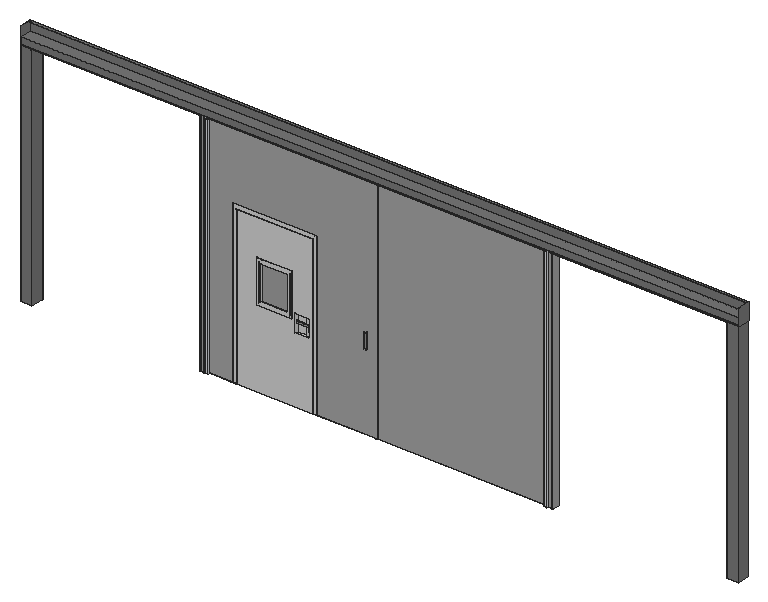
Revit family "SystemSchroeders_2flg.Tor", category Türen, Revit 2018
Family settings
  Basisbauteil = Wand
  OmniClass-Nummer = 23.30.10.00
  OmniClass-Titel = Doors
  Immer vertikal = Ja
  Beim Laden mit Abzugskörper schneiden = Nein
  Gemeinsam genutzt = Nein
  Raumberechnungspunkt = Nein
Parameters (values of type "ST-2")
  mit Sichtfenster = yes
  URL = "https://www.system-schroeders.de/content/de/sicherheitstueren/feuerschutztore/feuerschutzschiebetor-st-2.html"
  Twall [instance] = 100 mm
  TsileColumn = 1.5 mm
  T22Hang = 5 mm
  Werkstoff Schlupftür = Edelstahl Drehtür
  Werkstoff Schiebetor = Edelstahl Schiebetor
  Werkstoff Griff = Edelstahl
  Rauchschutz = "RS"
  Höhe Griff Schlupftür = 1000 mm
  Höhe Griff Schiebetor = 1100 mm
  Höhe Sichtfenster = 450 mm
  Höhe Schlupftür = 2100 mm
  Höhe Schiebetor = 3000 mm
  Werkstoff Sichtfenster = Glas
  Hersteller = "System Schröders"
  Funktion = Innen
  Frame Projection Ext. = 25 mm
  Frame Projection Int. = 25 mm
  Frame Width = 75 mm
  Höhe = Höhe Schiebetor  # 3000 mm
  Wandabschluss = Nach Basisbauteil
  Feuerschutz = "EI230-Sa-C2"
  Breite = Breite Schiebetor_L + Breite Schiebetor_R  # 4400 mm
  Werkstoff Rahmen = Edelstahl Rahmen
  Einbauhöhe Sichtfenster = 1300 mm
  Abstand Schlupftür = 800 mm
  Breite Sichtfenster = 350 mm
  Breite Schlupftür = 1100 mm
  B02R = 2 * Breite Schiebetor_R + 100 mm  # 4500 mm
  B02L = 2 * Breite Schiebetor_L + 200 mm  # 4600 mm
  Breite Schiebetor_R = 2200 mm
  Breite Schiebetor_L = 2200 mm
Types (5, lengths in mm): name | URL | Twall | Rauchschutz | Höhe Sichtfenster | Höhe Schlupftür | Feuerschutz | Breite | Einbauhöhe Sichtfenster | B02L | Breite Schiebetor_L
  (no name) | "https://www.system-schroeders.de/content/de/sicherheitstueren/feuerschutztore/feuerschutzschiebetor-st-2.html" | 100 | "RS" | 450 | 2100 | "EI230-Sa-C2" | 4400 | 1300 | 4600 | 2200
  ST-2 | "https://www.system-schroeders.de/content/de/sicherheitstueren/feuerschutztore/feuerschutzschiebetor-st-2.html" | 100 | "RS" | 450 | 2100 | "EI230-Sa-C2" | 4400 | 1300 | 4600 | 2200
  ST-12 | "https://www.system-schroeders.de/content/de/sicherheitstueren/feuerschutztore/feuerschutzschiebetor-st-12.html" | 150 | "RS" | 535 | 2000 | "EI290-Sa-C2" | 4000 | 1500 | 3800 | 1800
  RST-2 | "https://www.system-schroeders.de/content/de/sicherheitstueren/rauchschutztore/rauchschutzschiebetor-rst-2.html" | 150 | "RS" | 535 | 2000 | "" | 4000 | 1500 | 3800 | 1800
  MST-2 | "https://www.system-schroeders.de/content/de/sicherheitstueren/mehrzwecktore/mehrzweckschiebetor-mst-2.html" | 150 | "" | 535 | 2000 | "" | 4000 | 1500 | 3800 | 1800
Reference planes
  plane 1: y = 0
  plane 2 "Center (Left/Right)": x = 0
  plane 3 "Exterior": y = 50
  plane 4 "Interior": y = -50
  plane 5: z = 2100
  plane 6: z = 3000
  plane 7: x = 2200
  plane 8: x = -2200
  plane 9: x = -800
  plane 10: x = -1900
  plane 11: x = 4600
  plane 12: x = -4500
  plane 13: x = -1350
  plane 14: z = 1300
  plane 15: x = -1175
  plane 16: x = -1525
  plane 17: z = 1075
  plane 18: z = 1525
  plane 19: z = 1100
  plane 20: z = 1000
  plane 21: z = 1000
  plane 22: z = 864
  plane 23: z = 1095
  plane 24: z = 1012
  plane 25: z = 988
  plane 26: z = 188
  plane 27: z = 1.5
Forms (mm)
  Extrusion 1, solid, material "Edelstahl Rahmen" <- "Werkstoff Rahmen"
    sketch origin (0, 0, 0) x (1, 0, 0) y (0, 1, 0)
      loop
        line (4600, 50) -> (4755, 50) -> (4755, 210) -> (4585, 210) -> (4585, 207) -> (4600, 207) -> (4600, 50)
      loop
        line (4601.5, 208.5) -> (4601.5, 51.5) -> (4753.5, 51.5) -> (4753.5, 208.5) -> (4601.5, 208.5)
    from 0 to 3000
  Extrusion 2, solid, material "Edelstahl Rahmen" <- "Werkstoff Rahmen"
    sketch origin (-1179.281, 41.181, 0) x (-1, 0, 0) y (0, -1, 0)
      loop
        line (3320.719, -8.819) -> (3320.719, -165.819) -> (3305.719, -165.819) -> (3305.719, -168.819) -> (3475.719, -168.819) -> (3475.719, -8.819) -> (3320.719, -8.819)
      loop
        line (3322.219, -167.319) -> (3474.219, -167.319) -> (3474.219, -10.319) -> (3322.219, -10.319) -> (3322.219, -167.319)
    from 0 to 3000
  Extrusion 3, solid, material "Edelstahl Rahmen" <- "Werkstoff Rahmen"
    sketch origin (0, 0, 0) x (0, 1, 0) y (0, 0, 1)
      loop
        line (70, 3005) -> (57, 3005) -> (57, 3000) -> (75, 3000) -> (75, 3022.5) -> (55, 3022.5) -> (55, 3099) -> (192, 3099) -> (192, 3022.5) -> (172, 3022.5) -> (172, 3000) -> (190, 3000) -> (190, 3005) -> (177, 3005) -> (177, 3017.5) -> (197, 3017.5) -> (197, 3104) -> (50, 3104) -> (50, 3017.5) -> (70, 3017.5) -> (70, 3005)
    from -4653.5 to 4753.5
  Extrusion 4, solid, material "Edelstahl Rahmen" <- "Werkstoff Rahmen"
    sketch origin (0, 0, 0) x (0, 1, 0) y (0, 0, 1)
      loop
        line (161.617, 3000) -> (161.617, 3007.939) -> (160.117, 3007.939) -> (160.117, 2998.5) -> (210, 2998.5) -> (210, 3223.5) -> (180, 3223.5) -> (180, 3222) -> (208.5, 3222) -> (208.5, 3000) -> (161.617, 3000)
    from -4485 to 4585
  Extrusion 5, solid, material "Edelstahl Rahmen" <- "Werkstoff Rahmen"
    sketch origin (0, 0, 0) x (0, 1, 0) y (0, 0, 1)
      loop
        line (208.5, 3222) -> (208.5, 3000) -> (210, 3000) -> (210, 3223.5) -> (180, 3223.5) -> (180, 3222) -> (208.5, 3222)
    from 4585 to 4755
  Extrusion 6, solid, material "Edelstahl Rahmen" <- "Werkstoff Rahmen"
    sketch origin (0, 0, 0) x (0, 1, 0) y (0, 0, 1)
      loop
        line (180, 3222) -> (208.5, 3222) -> (208.5, 3000) -> (210, 3000) -> (210, 3223.5) -> (180, 3223.5) -> (180, 3222)
    from -4655 to -4485
  Extrusion 7, solid, material "Edelstahl Rahmen" <- "Werkstoff Rahmen"
    sketch origin (0, 0, 0) x (1, 0, 0) y (0, 1, 0)
      loop
        line (4755, 50) -> (4755, 210) -> (4753.5, 210) -> (4753.5, 50) -> (4755, 50)
      loop
        line (-4655, 210) -> (-4655, 50) -> (-4653.5, 50) -> (-4653.5, 210) -> (-4655, 210)
    from 3000 to 3223.5
  Extrusion 8, solid
    sketch origin (0, 0, 0) x (1, 0, 0) y (0, 1, 0)
      loop
        line (2200, 62) -> (2200, 50) -> (2245, 50) -> (2245, 70.5) -> (2295.5, 70.5) -> (2295.5, 72) -> (2243.5, 72) -> (2243.5, 51.5) -> (2201.5, 51.5) -> (2201.5, 62) -> (2200, 62)
    from 0 to 3000
  Extrusion 9, solid
    sketch origin (-660, 0, 0) x (-1, 0, 0) y (0, -1, 0)
      loop
        line (1540, -62) -> (1541.5, -62) -> (1541.5, -51.5) -> (1583.5, -51.5) -> (1583.5, -72) -> (1635.5, -72) -> (1635.5, -70.5) -> (1585, -70.5) -> (1585, -50) -> (1540, -50) -> (1540, -62)
    from 0 to 3000
  Extrusion 10, solid, material "Edelstahl Schiebetor" <- "Werkstoff Schiebetor"
    sketch origin (40, 2, 0) x (1, 0, 0) y (0, 1, 0)
      loop
        line (-40, 158) -> (-40, 138) -> (-90, 138) -> (-90, 102) -> (-40, 102) -> (-40, 82) -> (2257, 82) -> (2257, 62) -> (2207, 62) -> (2207, 57) -> (2277, 57) -> (2277, 158) -> (-40, 158)
      loop
        line (2275.5, 156.5) -> (-38, 156.5) -> (-38, 136.5) -> (-88.5, 136.5) -> (-88.5, 103.5) -> (-38.5, 103.5) -> (-38.5, 83.5) -> (2258.5, 83.5) -> (2258.5, 58.5) -> (2275.5, 58.5) -> (2275.5, 156.5)
    from 0 to 3050
  Extrusion 11, solid, material "Edelstahl Schiebetor" <- "Werkstoff Schiebetor"
    sketch origin (0, 0, 0) x (1, 0, 0) y (0, 1, 0)
      loop
        line (0, 160) -> (-2317, 160) -> (-2317, 60) -> (-2247, 60) -> (-2247, 65) -> (-2297, 65) -> (-2297, 84) -> (0, 84) -> (0, 102.5) -> (-51.5, 102.5) -> (-51.5, 141.5) -> (0, 141.5) -> (0, 160)
      loop
        line (-1.5, 158.5) -> (-2315.5, 158.5) -> (-2315.5, 61.5) -> (-2298.5, 61.5) -> (-2298.5, 85.5) -> (-1.5, 85.5) -> (-1.5, 101) -> (-53, 101) -> (-53, 143) -> (-1.5, 143) -> (-1.5, 158.5)
    from 0 to 3050
  Extrusion 12, void
    sketch origin (0, 50, 0) x (1, 0, 0) y (0, 0, 1)
      loop
        line (-800, 2100) -> (-1900, 2100) -> (-1900, 0) -> (-800, 0) -> (-800, 2100)
    from -110 to -34
  Sweep 13, solid, material "Edelstahl Drehtür" <- "Werkstoff Schlupftür"
    path origin (0, 50, 0) x (1, 0, 0) y (0, 0, 1)
      loop
        line (-800, 0) -> (-800, 2100) -> (-1900, 2100) -> (-1900, 0)
    profile origin (-800, 50, 1050) x (-1, 0, 0) y (0, -1, 0)
      loop
        line (0, -110) -> (18, -110) -> (18, -95) -> (48, -95) -> (48, -34) -> (0, -34) -> (0, -44) -> (1.5, -44) -> (1.5, -35.5) -> (46.5, -35.5) -> (46.5, -93.5) -> (16.5, -93.5) -> (16.5, -108.5) -> (1.5, -108.5) -> (1.5, -100) -> (0, -100) -> (0, -110)
  Extrusion 14, solid, material "Edelstahl Drehtür" <- "Werkstoff Schlupftür"
    sketch origin (0, 0, 0) x (1, 0, 0) y (0, 1, 0)
      loop
        line (-1867, 145) -> (-1852, 145) -> (-1852, 84) -> (-848, 84) -> (-848, 145) -> (-832.25, 145) -> (-832.25, 160) -> (-1867, 160) -> (-1867, 145)
    from 0 to 2052
  Extrusion 15, solid, material "Edelstahl Drehtür" <- "Werkstoff Schlupftür"
    sketch origin (0, 50, 0) x (1, 0, 0) y (0, 0, 1)
      loop
        line (-832.25, 2052) -> (-832.25, 2067) -> (-1867, 2067) -> (-1867, 2052) -> (-832.25, 2052)
    from -110 to -95
  Extrusion 16, void
    sketch origin (0, 50, 0) x (1, 0, 0) y (0, 0, 1)
      loop
        line (-1145, 1555) -> (-1555, 1555) -> (-1555, 1045) -> (-1145, 1045) -> (-1145, 1555)
    from -110 to -34
  Sweep 17, solid, material "Edelstahl Drehtür" <- "Werkstoff Schlupftür", visible <- "mit Sichtfenster"
    path origin (0, 50, 0) x (1, 0, 0) y (0, 0, 1)
      loop
        line (-1145, 1045) -> (-1145, 1555) -> (-1555, 1555) -> (-1555, 1045) -> (-1145, 1045)
    profile origin (-1145, 50, 1300) x (-1, 0, 0) y (0, -1, 0)
      loop
        line (0, -110) -> (-25, -110) -> (-25, -120) -> (30, -120) -> (30, -95) -> (10, -95) -> (10, -48.703) -> (30, -48.703) -> (30, -24) -> (-25, -24) -> (-25, -34) -> (0, -34) -> (0, -110)
  Extrusion 18, solid, material "Edelstahl" <- "Werkstoff Griff", detail levels fine
    sketch origin (0, 0, 0) x (0, 1, 0) y (0, 0, 1)
      loop
        line (160, 1200) -> (160, 1176.499) -> (205, 1160.12) -> (205, 1039.88) -> (160, 1023.501) -> (160, 1000) -> (165, 1000) -> (165, 1020) -> (210, 1036.379) -> (210, 1163.621) -> (165, 1180) -> (165, 1200) -> (160, 1200)
    from 140 to 160
  Extrusion 19, solid, material "Edelstahl" <- "Werkstoff Griff", detail levels fine
    sketch origin (0, 0, 0) x (0, 1, 0) y (0, 0, 1)
      loop
        line (210, 1163.621) -> (165, 1180) -> (165, 1200) -> (160, 1200) -> (160, 1176.499) -> (205, 1160.12) -> (205, 1039.88) -> (160, 1023.501) -> (160, 1000) -> (165, 1000) -> (165, 1020) -> (210, 1036.379) -> (210, 1163.621)
    from -160 to -140
  Sweep 20, solid, material "Edelstahl" <- "Werkstoff Griff", detail levels fine
    path origin (0, 0, 0) x (1, 0, 0) y (0, 1, 0)
      loop
        line (-920, 160) -> (-920, 210)
        arc (-920, 210) -> (-925.858, 224.142) -> (-940, 230) r 20
        line (-940, 230) -> (-1033, 230)
        arc (-1033, 230) -> (-1041.485, 226.485) -> (-1045, 218) r 12
        line (-1045, 218) -> (-1045, 185)
    profile origin (-920, 185, 0) x (-1, 0, 0) y (0, 0, 1)
      loop
        circle (0, 1000) r 10
  Extrusion 21, solid, material "Edelstahl" <- "Werkstoff Griff", detail levels fine
    sketch origin (0, 50, 0) x (1, 0, 0) y (0, 0, 1)
      loop
        line (-903, 1040) -> (-937, 1040)
        arc (-937, 1040) -> (-940.536, 1038.536) -> (-942, 1035) r 5
        line (-942, 1035) -> (-942, 905)
        arc (-942, 905) -> (-940.536, 901.464) -> (-937, 900) r 5
        line (-937, 900) -> (-903, 900)
        arc (-903, 900) -> (-899.464, 901.464) -> (-898, 905) r 5
        line (-898, 905) -> (-898, 1035)
        arc (-898, 1035) -> (-899.464, 1038.536) -> (-903, 1040) r 5
      loop
        line (-918, 950) -> (-922, 950) -> (-922, 925) -> (-918, 925) -> (-918, 950)
    from -118.5 to -110
  Extrusion 22, void
    sketch origin (0, 0, 0) x (1, 0, 0) y (0, 1, 0)
      loop
        line (-890, 84) -> (-890, 104) -> (-950, 104) -> (-950, 126) -> (-1081, 126) -> (-1081, 84) -> (-890, 84)
    from 864 to 1095
  Extrusion 23, solid, material "Edelstahl" <- "Werkstoff Griff", detail levels fine
    sketch origin (0, 0, 0) x (1, 0, 0) y (0, 1, 0)
      loop
        line (-940, 104) -> (-940, 94) -> (-1070, 94) -> (-1070, 89) -> (-900, 89) -> (-900, 104) -> (-940, 104)
    from 988 to 1012
  Extrusion 24, void
    sketch origin (0, -50, 0) x (1, 0, 0) y (0, 0, 1)
      loop
        line (-922, 950) -> (-922, 925) -> (-918, 925) -> (-918, 950) -> (-922, 950)
    from -210 to -154
  Extrusion 25, solid, material "Edelstahl" <- "Werkstoff Griff", detail levels fine
    sketch origin (0, 0, 0) x (1, 0, 0) y (0, 1, 0)
      loop
        circle (-1874.5, 152.5) r 6
    from 188 to 364
  Extrusion 26, solid, material "Edelstahl" <- "Werkstoff Griff", detail levels fine
    sketch origin (0, 0, 0) x (1, 0, 0) y (0, 1, 0)
      loop
        circle (-1874.5, 152.5) r 6
    from 1709 to 1885
  Extrusion 27, solid, material "Edelstahl" <- "Werkstoff Griff", detail levels fine
    sketch origin (0, 0, 0) x (1, 0, 0) y (0, 1, 0)
      loop
        circle (-1874.5, 152.5) r 6
    from 1359 to 1535
  Extrusion 28, void
    sketch origin (0, -50, 0) x (1, 0, 0) y (0, 0, 1)
      loop
        line (-140, 1200) -> (-176, 1200) -> (-176, 1000) -> (-140, 1000) -> (-140, 1200)
    from -135.5 to -134
  Extrusion 29, solid, material "Edelstahl" <- "Werkstoff Griff", detail levels fine
    sketch origin (0, -50, 0) x (1, 0, 0) y (0, 0, 1)
      loop
        line (-176, 1200) -> (-176, 1000) -> (-140, 1000) -> (-140, 1200) -> (-176, 1200)
      loop
        line (-177.5, 1201.5) -> (-177.5, 998.5) -> (-138.5, 998.5) -> (-138.5, 1201.5) -> (-177.5, 1201.5)
    from -210 to -135.5
  Extrusion 30, solid, material "Edelstahl" <- "Werkstoff Griff", detail levels fine
    sketch origin (0, 0, 0) x (1, 0, 0) y (0, 1, 0)
      loop
        line (-176, 160) -> (-176, 158.5) -> (-140, 158.5) -> (-140, 160) -> (-176, 160)
    from 1000 to 1200
  Extrusion 31, solid
    sketch origin (0, 0, 0) x (1, 0, 0) y (0, 1, 0)
      loop
        line (-2315.5, 158.5) -> (-2315.5, 61.5) -> (-2298.5, 61.5) -> (-2298.5, 85.5) -> (-1853.5, 85.5) -> (-1853.5, 143.5) -> (-1883.5, 143.5) -> (-1883.5, 158.5) -> (-2315.5, 158.5)
      loop
        line (-1.5, 158.5) -> (-816.5, 158.5) -> (-816.5, 143.5) -> (-846.5, 143.5) -> (-846.5, 85.5) -> (-1.5, 85.5) -> (-1.5, 101) -> (-53, 101) -> (-53, 143) -> (-1.5, 143) -> (-1.5, 158.5)
    from 0 to 1.5
  Extrusion 32, solid
    sketch origin (0, 0, 0) x (1, 0, 0) y (0, 1, 0)
      loop
        line (2, 138.5) -> (-48.5, 138.5) -> (-48.5, 105.5) -> (1.5, 105.5) -> (1.5, 85.5) -> (2298.5, 85.5) -> (2298.5, 60.5) -> (2315.5, 60.5) -> (2315.5, 158.5) -> (2, 158.5) -> (2, 138.5)
    from 0 to 1.5
  Extrusion 33, solid, material "Glas" <- "Werkstoff Sichtfenster", visible <- "mit Sichtfenster"
    sketch origin (0, 50, 0) x (1, 0, 0) y (0, 0, 1)
      loop
        line (-1155, 1545) -> (-1545, 1545) -> (-1545, 1055) -> (-1155, 1055) -> (-1155, 1545)
    from -95 to -48.703
Cuts and joins
  joined: Extrusion 4, Extrusion 5, Extrusion 6, Extrusion 7
  Extrusion 12, Extrusion 28 cuts Extrusion 11
  Extrusion 16, Extrusion 22, Extrusion 24 cuts Extrusion 14
  Extrusion 22 cuts Extrusion 15
  joined: Extrusion 14, Extrusion 15
  joined: Sweep 20, Extrusion 21
Lines and regions (mm)
  Opening 1
    outline origin (-5000, -50, 0) x (1, 0, 0) y (0, 0, 1)
      loop
        line (7200, 3000) -> (2800, 3000) -> (2800, 0) -> (7200, 0) -> (7200, 3000)
Text (mm)
  text "Exterior" at (-2295.016, 1099.543, 0), in view "Ref. Level"
  text "Exterior" at (0, 1615.38, 3698.081), in view "Left"
  text "Exterior" at (0, 1036.032, 3874.932), in view "Right"
Dimensions and locks
  locked: plane 3 "Exterior" to host wall at 0
  locked: plane 4 "Interior" to host wall
  "Höhe Schlupftür": level to plane 5
  "Höhe Schiebetor": level to plane 6
  "Breite Schiebetor_L": plane 2 "Center (Left/Right)" to plane 7
  "Breite Schiebetor_R": plane 2 "Center (Left/Right)" to plane 8
  "Breite Schlupftür": plane 10 to plane 9
  "Abstand Schlupftür": plane 9 to plane 2 "Center (Left/Right)"
  "B02L": plane 2 "Center (Left/Right)" to plane 11
  "B02R": plane 2 "Center (Left/Right)" to plane 12
  locked: Extrusion 1 sketch curve to Extrusion 1 sketch curve at 160
  locked: Extrusion 1 sketch curve to Extrusion 1 sketch curve at 155
  "TsileColumn": Extrusion 1 sketch curve to Extrusion 1 sketch curve  (x4)
  equal spacing: Extrusion 1 sketch curve, Extrusion 1 sketch curve, Extrusion 1 sketch curve
  locked: Extrusion 2 sketch curve to Extrusion 2 sketch curve at 160
  locked: Extrusion 2 sketch curve to Extrusion 2 sketch curve at 155
  "TsileColumn": Extrusion 2 sketch curve to Extrusion 2 sketch curve  (x4)
  equal spacing: Extrusion 2 sketch curve, Extrusion 2 sketch curve, Extrusion 2 sketch curve
  locked: Extrusion 2 sketch curve to Extrusion 2 sketch curve at 15
  locked: Extrusion 1 sketch curve to Extrusion 1 sketch curve at 15
  locked: Extrusion 3 sketch curve to Extrusion 3 sketch curve at 147
  locked: Extrusion 3 sketch curve to plane 6 at 104
  "T22Hang": Extrusion 3 sketch curve to Extrusion 3 sketch curve  (x9)
  locked: Extrusion 3 sketch curve to Extrusion 3 sketch curve at 25  (x2)
  locked: Extrusion 3 sketch curve to Extrusion 3 sketch curve at 18  (x2)
  locked: Extrusion 3 sketch curve to Extrusion 3 sketch curve at 22.5
  "TsileColumn": Extrusion 4 sketch curve to Extrusion 4 sketch curve  (x4)
  locked: Extrusion 4 sketch curve to Extrusion 4 sketch curve at 30
  locked: Extrusion 4 sketch curve to Extrusion 4 sketch curve at 225
  locked: plane 3 "Exterior" to Extrusion 8 sketch curve at 12
  "TsileColumn": Extrusion 8 sketch curve to Extrusion 8 sketch curve  (x4)
  locked: Extrusion 8 sketch curve to Extrusion 8 sketch curve at 45
  locked: Extrusion 8 sketch curve to Extrusion 8 sketch curve at 52
  locked: Extrusion 8 sketch curve to Extrusion 8 sketch curve at 22
  "TsileColumn": Extrusion 9 sketch curve to Extrusion 9 sketch curve  (x4)
  locked: Extrusion 9 sketch curve to Extrusion 9 sketch curve at 45
  locked: Extrusion 9 sketch curve to Extrusion 9 sketch curve at 52
  locked: Extrusion 9 sketch curve to Extrusion 9 sketch curve at 22
  locked: Extrusion 10 sketch curve to Extrusion 10 sketch curve at 76
  Extrusion 10 sketch curve to plane 3 "Exterior" = 34 mm
  locked: Extrusion 10 sketch curve to Extrusion 10 sketch curve at 20  (x3)
  locked: Extrusion 10 sketch curve to Extrusion 10 sketch curve at 50  (x2)
  locked: Extrusion 10 sketch curve to Extrusion 10 sketch curve at 25
  locked: Extrusion 10 sketch curve to Extrusion 10 sketch curve at 5
  locked: plane 6 to Extrusion 10 at 50
  locked: plane 7 to Extrusion 10 sketch curve at 97
  "TsileColumn": Extrusion 10 sketch curve to Extrusion 10 sketch curve  (x9)
  Extrusion 10 sketch curve to Extrusion 10 sketch curve = 2 mm
  "TsileColumn": Extrusion 11 sketch curve to Extrusion 10  (x3)
  locked: Extrusion 11 sketch curve to Extrusion 11 sketch curve at 20
  Extrusion 11 sketch curve to Extrusion 11 sketch curve = 100 mm
  locked: Extrusion 11 sketch curve to Extrusion 11 sketch curve at 5
  locked: Extrusion 11 sketch curve to Extrusion 11 sketch curve at 50
  locked: Extrusion 11 sketch curve to plane 8 at 97
  "TsileColumn": Extrusion 11 sketch curve to Extrusion 11 sketch curve  (x10)
  locked: Sweep 13 sketch curve to profile plane at 18
  locked: Sweep 13 sketch curve to Sweep 13 sketch curve at 30
  Sweep 13 sketch curve to Sweep 13 sketch curve = 15 mm
  locked: Sweep 13 sketch curve to Sweep 13 sketch curve at 10
  Sweep 13 sketch curve to Sweep 13 sketch curve = 10 mm
  "TsileColumn": Sweep 13 sketch curve to Sweep 13 sketch curve  (x7)
  equal spacing: Extrusion 14, Extrusion 15 sketch curve, Sweep 13
  equal spacing: plane 10, plane 13, plane 9
  equal spacing: plane 16, plane 13, plane 15
  "Breite Sichtfenster": plane 16 to plane 15
  locked: plane 15 to Extrusion 16 sketch curve at 30
  locked: Extrusion 16 sketch curve to plane 16 at 30
  locked: Sweep 17 sketch curve to cut or joined group of Extrusion 11, Extrusion 12, Extrusion 28 at 10  (x2)
  locked: Sweep 17 sketch curve to Sweep 17 sketch curve at 25
  locked: Sweep 17 sketch curve to Sweep 17 sketch curve at 24.703
  locked: cut or joined group of Extrusion 14, Extrusion 15, Extrusion 16, Extrusion 22, Extrusion 24 to Sweep 17 sketch curve at 25  (x2)
  locked: Sweep 17 sketch curve to cut or joined group of Extrusion 14, Extrusion 15, Extrusion 16, Extrusion 22, Extrusion 24 at 30  (x2)
  locked: Sweep 17 sketch curve to cut or joined group of Extrusion 14, Extrusion 15, Extrusion 16, Extrusion 22, Extrusion 24 at 10
  "Höhe Griff Schiebetor": plane 19 to level
  locked: Extrusion 18 sketch curve to plane 19 at 100
  Extrusion 18 sketch curve to cut or joined group of Extrusion 11, Extrusion 12, Extrusion 28 = 50 mm
  locked: plane 19 to Extrusion 18 sketch curve at 100
  locked: Extrusion 18 sketch curve to Extrusion 18 sketch curve at 5  (x5)
  locked: Extrusion 18 sketch curve to Extrusion 18 sketch curve at 20  (x2)
  locked: Extrusion 18 to Extrusion 18 at 20
  locked: Extrusion 18 to plane 2 "Center (Left/Right)" at 140
  locked: plane 2 "Center (Left/Right)" to Extrusion 19 at 140
  locked: Extrusion 19 to Extrusion 19 at 20
  locked: Sweep 20 sketch curve to Sweep 20 sketch curve at 45
  locked: Sweep 20 sketch curve to cut or joined group of Extrusion 11, Extrusion 12, Extrusion 28 at 70
  locked: Sweep 20 sketch curve to Sweep 20 sketch curve at 125
  locked: Sweep 20 sketch curve to plane 9 at 120
  locked: Extrusion 21 sketch curve to plane 9 at 98
  locked: Extrusion 21 sketch curve to Extrusion 21 sketch curve at 44
  locked: Sweep 20 to Extrusion 21 sketch curve at 40
  locked: Extrusion 21 sketch curve to Sweep 20 at 100
  locked: Extrusion 21 sketch curve to Extrusion 21 sketch curve at 20  (x2)
  locked: Extrusion 21 sketch curve to Extrusion 21 sketch curve at 25  (x2)
  locked: Extrusion 21 to cut or joined group of Extrusion 11, Extrusion 12, Extrusion 28 at 8.5
  locked: Extrusion 22 sketch curve to plane 9 at 90
  locked: Extrusion 22 sketch curve to Extrusion 22 sketch curve at 20
  locked: Extrusion 22 sketch curve to Extrusion 22 sketch curve at 60
  locked: Extrusion 22 sketch curve to Extrusion 22 sketch curve at 22
  locked: Extrusion 22 sketch curve to Extrusion 22 sketch curve at 191
  "Höhe Griff Schlupftür": level to plane 21
  locked: plane 22 to plane 21 at 136
  locked: plane 21 to plane 23 at 95
  locked: cut or joined group of Extrusion 14, Extrusion 15, Extrusion 16, Extrusion 22, Extrusion 24 to Extrusion 23 sketch curve at 10
  locked: Extrusion 23 sketch curve to cut or joined group of Extrusion 14, Extrusion 15, Extrusion 16, Extrusion 22, Extrusion 24 at 10
  locked: Extrusion 23 sketch curve to Extrusion 23 sketch curve at 5
  locked: Extrusion 23 sketch curve to Extrusion 23 sketch curve at 10
  locked: Extrusion 23 sketch curve to Extrusion 23 sketch curve at 130
  plane 24 to plane 21 to plane 25 = 12 mm locked, 12 mm locked
  equal spacing: cut or joined group of Extrusion 11, Extrusion 12, Extrusion 28, Extrusion 25 sketch curve, Sweep 13
  locked: Extrusion 25 sketch curve to cut or joined group of Extrusion 14, Extrusion 15, Extrusion 16, Extrusion 22, Extrusion 24 at 7.5
  locked: level to plane 26 at 188
  locked: Extrusion 25 to Extrusion 25 at 176
  locked: Extrusion 26 to Extrusion 26 at 176
  locked: Extrusion 26 to plane 5 at 215
  locked: Extrusion 26 sketch curve to cut or joined group of Extrusion 14, Extrusion 15, Extrusion 16, Extrusion 22, Extrusion 24 at 7.5
  equal spacing: cut or joined group of Extrusion 11, Extrusion 12, Extrusion 28, Extrusion 26 sketch curve, Sweep 13
  locked: Extrusion 27 to Extrusion 27 at 176
  locked: Extrusion 27 to Extrusion 26 at 174
  equal spacing: cut or joined group of Extrusion 11, Extrusion 12, Extrusion 28, Extrusion 27 sketch curve, Sweep 13
  locked: Extrusion 27 sketch curve to cut or joined group of Extrusion 14, Extrusion 15, Extrusion 16, Extrusion 22, Extrusion 24 at 7.5
  locked: Extrusion 28 sketch curve to Extrusion 28 sketch curve at 36
  "TsileColumn": Extrusion 28 to Extrusion 29 sketch curve
  "TsileColumn": Extrusion 29 sketch curve to Extrusion 29 sketch curve  (x2)
  "TsileColumn": Extrusion 29 sketch curve to Extrusion 19
  "TsileColumn": Extrusion 29 to Extrusion 30 sketch curve
  "TsileColumn": level to plane 27
  "Twall": host wall to host wall
  equal spacing: plane 17, plane 14, plane 18
  "Einbauhöhe Sichtfenster": level to plane 14
  locked: plane 18 to Extrusion 16 sketch curve at 30
  locked: Extrusion 16 sketch curve to plane 17 at 30
  "Höhe Sichtfenster": plane 17 to plane 18
  locked: Extrusion 2 to Extrusion 2 at 15
  locked: Extrusion 29 to Extrusion 10 at 0
  locked: Extrusion 29 to Extrusion 29 at 74.5
  radius of Sweep 20 sketch curve = 12 mm
  radius of Sweep 20 sketch curve = 20 mm
  radius of Sweep 20 sketch curve = 10 mm
  radius of Extrusion 21 sketch curve = 5 mm  (x4)
  radius of Extrusion 25 sketch curve = 6 mm
  radius of Extrusion 26 sketch curve = 6 mm
  radius of Extrusion 27 sketch curve = 6 mm
  locked: cut or joined group of Extrusion 11, Extrusion 12, Extrusion 28 to Extrusion 18 sketch curve (angle 70.00°)
  locked: Extrusion 18 sketch curve to Extrusion 18 sketch curve (angle 70.00°)
  aligned and locked: host wall to plane 1
  aligned and locked: plane 6 to Opening 1 sketch curve
  aligned and locked: Opening 1 sketch curve to plane 7
  aligned and locked: Opening 1 sketch curve to level
  aligned and locked: plane 8 to Opening 1 sketch curve
  aligned and locked: plane 11 to Extrusion 1 sketch curve
  aligned and locked: Extrusion 1 sketch curve to host wall
  aligned and locked: host wall to Extrusion 1
  aligned and locked: Extrusion 1 to level
  aligned and locked: host wall to Extrusion 2 sketch curve
  aligned and locked: plane 12 to Extrusion 2 sketch curve
  aligned and locked: plane 6 to Extrusion 2
  aligned and locked: level to Extrusion 2
  aligned and locked: Extrusion 3 sketch curve to host wall
  aligned and locked: Extrusion 3 sketch curve to Extrusion 3 sketch curve  (x2)
  aligned and locked: Extrusion 3 sketch curve to plane 6
  aligned and locked: plane 6 to Extrusion 4 sketch curve
  aligned and locked: Extrusion 4 sketch curve to Extrusion 2
  aligned and locked: Extrusion 4 to Extrusion 1
  aligned and locked: Extrusion 4 to Extrusion 2
  aligned and locked: Extrusion 3 to Extrusion 1
  aligned and locked: Extrusion 3 to Extrusion 2
  aligned and locked: Extrusion 5 sketch curve to Extrusion 4  (x4)
  aligned and locked: Extrusion 4 to Extrusion 5 sketch curve
  aligned and locked: Extrusion 5 to Extrusion 1
  aligned and locked: Extrusion 1 to Extrusion 5
  aligned and locked: Extrusion 6 sketch curve to cut or joined group of Extrusion 4, Extrusion 5, Extrusion 6, Extrusion 7  (x4)
  aligned and locked: cut or joined group of Extrusion 4, Extrusion 5, Extrusion 6, Extrusion 7 to Extrusion 6 sketch curve
  aligned and locked: Extrusion 2 to Extrusion 6
  aligned and locked: Extrusion 6 to cut or joined group of Extrusion 4, Extrusion 5, Extrusion 6, Extrusion 7
  aligned and locked: Extrusion 7 sketch curve to Extrusion 1  (x3)
  aligned and locked: host wall to Extrusion 7 sketch curve
  aligned and locked: Extrusion 7 sketch curve to Extrusion 2  (x3)
  aligned and locked: Extrusion 2 to Extrusion 7 sketch curve
  aligned and locked: Extrusion 7 to plane 6
  aligned and locked: Extrusion 7 to cut or joined group of Extrusion 4, Extrusion 5, Extrusion 6, Extrusion 7
  aligned and locked: plane 6 to Extrusion 6 sketch curve
  aligned and locked: plane 6 to Extrusion 5 sketch curve
  aligned and locked: Extrusion 8 sketch curve to plane 7
  aligned and locked: Extrusion 8 sketch curve to plane 3 "Exterior"
  aligned and locked: Extrusion 8 to level
  aligned and locked: plane 6 to Extrusion 8
  aligned and locked: Extrusion 9 to plane 8
  aligned and locked: plane 3 "Exterior" to Extrusion 9
  aligned and locked: plane 6 to Extrusion 9
  aligned and locked: Extrusion 9 to level
  aligned and locked: Extrusion 10 sketch curve to Extrusion 10 sketch curve
  aligned and locked: Extrusion 10 to level
  aligned and locked: Extrusion 10 sketch curve to plane 2 "Center (Left/Right)"
  aligned and locked: Extrusion 10 to Extrusion 11 sketch curve
  aligned and locked: Extrusion 11 sketch curve to Extrusion 10
  aligned and locked: plane 2 "Center (Left/Right)" to Extrusion 11 sketch curve  (x2)
  aligned and locked: Extrusion 11 to level
  aligned and locked: Extrusion 11 to Extrusion 10
  aligned and locked: plane 9 to Extrusion 12 sketch curve
  aligned and locked: Extrusion 12 sketch curve to plane 5
  aligned and locked: Extrusion 12 sketch curve to plane 10
  aligned and locked: level to Extrusion 12 sketch curve
  aligned and locked: Extrusion 11 to Extrusion 12  (x2)
  aligned and locked: plane 9 to Sweep 13 sketch curve
  aligned and locked: Sweep 13 sketch curve to plane 5
  aligned and locked: Sweep 13 sketch curve to plane 10
  aligned and locked: cut or joined group of Extrusion 11, Extrusion 12, Extrusion 28 to Sweep 13 sketch curve  (x4)
  aligned and locked: profile plane to plane 9
  aligned and locked: Sweep 13 sketch curve to plane 9
  aligned and locked: Sweep 13 to Extrusion 14 sketch curve  (x3)
  aligned and locked: Extrusion 14 sketch curve to Sweep 13  (x2)
  aligned and locked: Extrusion 14 to level
  aligned and locked: Extrusion 14 to Sweep 13
  aligned and locked: Extrusion 15 sketch curve to Extrusion 14  (x2)
  aligned and locked: Extrusion 14 to Extrusion 15 sketch curve
  aligned and locked: Extrusion 15 to Extrusion 14
  aligned and locked: cut or joined group of Extrusion 11, Extrusion 12, Extrusion 28 to Extrusion 15
  aligned and locked: cut or joined group of Extrusion 11, Extrusion 12, Extrusion 28 to Extrusion 16  (x2)
  aligned and locked: Sweep 17 sketch curve to cut or joined group of Extrusion 14, Extrusion 15, Extrusion 16, Extrusion 22, Extrusion 24  (x5)
  aligned and locked: Sweep 17 sketch curve to cut or joined group of Extrusion 11, Extrusion 12, Extrusion 28  (x2)
  aligned and locked: cut or joined group of Extrusion 11, Extrusion 12, Extrusion 28 to Extrusion 18 sketch curve  (x2)
  aligned and locked: Extrusion 19 sketch curve to Extrusion 18  (x12)
  aligned and locked: cut or joined group of Extrusion 11, Extrusion 12, Extrusion 28 to Sweep 20 sketch curve
  aligned and locked: plane 20 to Sweep 20 sketch curve
  aligned and locked: profile plane to Sweep 20 sketch curve
  aligned and locked: Extrusion 21 to cut or joined group of Extrusion 11, Extrusion 12, Extrusion 28
  aligned and locked: cut or joined group of Extrusion 11, Extrusion 12, Extrusion 28 to Extrusion 22 sketch curve
  aligned and locked: Extrusion 22 to plane 22
  aligned and locked: plane 23 to cut or joined group of Extrusion 14, Extrusion 15, Extrusion 16, Extrusion 22, Extrusion 24
  aligned and locked: cut or joined group of Extrusion 14, Extrusion 15, Extrusion 16, Extrusion 22, Extrusion 24 to Extrusion 23 sketch curve
  aligned and locked: plane 24 to Extrusion 23
  aligned and locked: Extrusion 23 to plane 25
  aligned and locked: Extrusion 24 sketch curve to cut or joined group of Sweep 20, Extrusion 21  (x4)
  aligned and locked: Extrusion 24 to cut or joined group of Extrusion 14, Extrusion 15, Extrusion 16, Extrusion 22, Extrusion 24
  aligned and locked: cut or joined group of Extrusion 11, Extrusion 12, Extrusion 28 to Extrusion 24
  aligned and locked: Extrusion 25 to plane 26
  aligned and locked: Extrusion 28 sketch curve to Extrusion 19  (x3)
  aligned and locked: cut or joined group of Extrusion 11, Extrusion 12, Extrusion 28 to Extrusion 28  (x2)
  aligned and locked: Extrusion 29 sketch curve to Extrusion 28  (x3)
  aligned and locked: Extrusion 29 sketch curve to Extrusion 19
  aligned and locked: Extrusion 29 to cut or joined group of Extrusion 11, Extrusion 12, Extrusion 28
  aligned and locked: Extrusion 30 sketch curve to Extrusion 29
  aligned and locked: Extrusion 29 to Extrusion 30 sketch curve  (x2)
  aligned and locked: Extrusion 30 to Extrusion 28  (x2)
  aligned and locked: Extrusion 31 sketch curve to cut or joined group of Extrusion 11, Extrusion 12, Extrusion 28  (x10)
  aligned and locked: Extrusion 31 to level
  aligned and locked: Extrusion 31 to plane 27
  aligned and locked: Extrusion 32 sketch curve to Extrusion 10  (x10)
  aligned and locked: Extrusion 32 to level
  aligned and locked: plane 27 to Extrusion 32
  aligned and locked: Extrusion 31 sketch curve to Sweep 13  (x5)
  aligned and locked: Sweep 13 to Extrusion 31 sketch curve
  aligned and locked: plane 20 to plane 21
  aligned and locked: plane 3 "Exterior" to nested 1
  aligned and locked: plane 7 to nested 1
  aligned and locked: Extrusion 33 sketch curve to Sweep 17  (x4)
  aligned and locked: Extrusion 33 to Sweep 17  (x2)
  aligned and locked: host wall to nested 2
  aligned and locked: nested 2 to level
Automatic sketch dimensions
  Extrusion 4 sketch curve to Extrusion 4 sketch curve = 46.883 mm
  plane 6 to Extrusion 4 sketch curve = 7.939 mm
  Extrusion 9 sketch curve to plane 8 = 0 mm
  Extrusion 9 sketch curve to host wall = 0 mm
  Extrusion 9 sketch curve to Extrusion 9 sketch curve = 10.5 mm
  Sweep 13 sketch curve to profile plane = 0 mm
  Extrusion 14 sketch curve to Extrusion 14 sketch curve = 15 mm  (x2)
  Extrusion 14 sketch curve to Extrusion 14 sketch curve = 15.75 mm
  Extrusion 31 sketch curve to Extrusion 31 sketch curve = 15 mm
  Extrusion 31 sketch curve to Extrusion 31 sketch curve = 24 mm
Nested families
  nested 1: "OpenSymbol" at (0, 0, 0), B <- "Breite", T <- "Twall", type "OpenSymbol"
    with Wand maskieren yes, Verdeckte Linien yes, T 100 mm, Linien ausgezogen yes, Füllungssymbol yes, B 4400 mm
  nested 2: "OpenSymbol" at (0, 0, 1500) x (0, -1, 0) z (1, 0, 0), B <- "Twall", T <- "Höhe", type "OpenSymbol"
    with Wand maskieren yes, Verdeckte Linien yes, T 3000 mm, Linien ausgezogen yes, Füllungssymbol yes, B 100 mm
Definition of nested family "OpenSymbol"
  Parameters (values of type "OpenSymbol")
    B [instance] = 200 mm
    Wand maskieren [instance] = yes
    Linien ausgezogen [instance] = yes
    Verdeckte Linien [instance] = yes
    Füllungssymbol [instance] = yes
    T [instance] = 100 mm
  Reference planes
    plane 1 "Mitte ( Vorne/hinten)": y = 0
    plane 2: z = 0
    plane 3 "Mitte (Links/rechts)": x = 0
    plane 4: y = 50
    plane 5: x = -100
    plane 6: x = 100
    plane 7: y = -50
  Lines and regions (mm)
    Masking region 1, in view "Ref.-Ebene", visible <- "Wand maskieren"
      outline origin (0, 0, 0) x (1, 0, 0) y (0, 1, 0)
        loop
          line (-100, -50) -> (0, 0) -> (-100, 50) -> (-100, -50)
    Masking region 2, in view "Ref.-Ebene", visible <- "Wand maskieren"
      outline origin (0, 0, 0) x (0, 1, 0) y (-1, 0, 0)
        loop
          line (-50, -100) -> (50, -100) -> (0, 0) -> (-50, -100)
    Masking region 3, in view "Ref.-Ebene", visible <- "Wand maskieren"
      outline origin (0, 0, 0) x (1, 0, 0) y (0, 1, 0)
        loop
          line (-100, 50) -> (0, 0) -> (100, 50) -> (-100, 50)
    Masking region 4, in view "Ref.-Ebene", visible <- "Wand maskieren"
      outline origin (0, 0, 0) x (0, -1, 0) y (1, 0, 0)
        loop
          line (50, -100) -> (50, 100) -> (0, 0) -> (50, -100)
    detail lines, in view "Ref.-Ebene", visible <- "Linien ausgezogen"
      curve 1: line (-100, 50, 0) -> (100, 50, 0)
      curve 2: line (-100, -50, 0) -> (-100, 50, 0)
      curve 3: line (100, -50, 0) -> (-100, -50, 0)
      curve 4: line (100, 50, 0) -> (100, -50, 0)
      curve 5: line (-100, -50, 0) -> (100, 50, 0)
      curve 6: line (-100, 50, 0) -> (100, -50, 0)
    detail lines, in view "Ref.-Ebene", visible <- "Verdeckte Linien"
      curve 7: line (-100, 50, 0) -> (100, 50, 0)
      curve 8: line (-100, -50, 0) -> (-100, 50, 0)
      curve 9: line (100, -50, 0) -> (-100, -50, 0)
      curve 10: line (100, 50, 0) -> (100, -50, 0)
      curve 11: line (-100, 50, 0) -> (100, -50, 0)
      curve 12: line (-100, -50, 0) -> (100, 50, 0)
  Dimensions and locks
    equal spacing: plane 5, plane 3 "Mitte (Links/rechts)", plane 6
    equal spacing: plane 4, plane 1 "Mitte ( Vorne/hinten)", plane 7
    "B": plane 5 to plane 6
    "T": plane 4 to plane 7
    aligned and locked: curve 1 to plane 4
    aligned and locked: curve 3 to plane 7
    aligned and locked: Masking region 1 sketch curve to curve 2
    aligned and locked: Masking region 1 sketch curve to curve 6
    aligned and locked: Masking region 1 sketch curve to curve 5
    aligned and locked: Masking region 2 sketch curve to plane 6
    aligned and locked: Masking region 2 sketch curve to curve 5
    aligned and locked: Masking region 2 sketch curve to curve 6
    aligned and locked: Masking region 3 sketch curve to curve 1
    aligned and locked: Masking region 3 sketch curve to curve 6
    aligned and locked: curve 5 to Masking region 3 sketch curve
    aligned and locked: plane 7 to Masking region 4 sketch curve
    aligned and locked: curve 6 to Masking region 4 sketch curve
    aligned and locked: Masking region 4 sketch curve to curve 5
    aligned and locked: plane 6 to curve 10
    aligned and locked: plane 5 to curve 8
